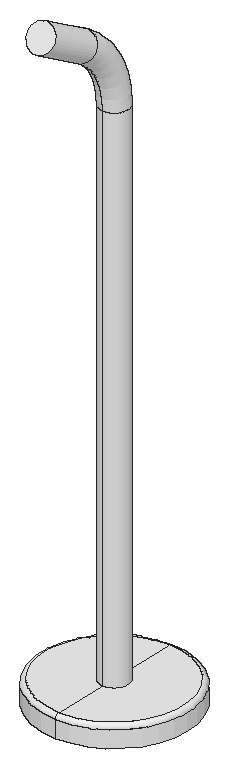
Revit family "Shower_Arm-GROHE-Rainshower-28577_Series", category Plumbing Fixtures, host Face, Revit 2014
Parameters (values of type "28577000")
  Width = 1 5/8"
  Waste Connection = no
  Warranty Documentation Link = "https://cdn.cloud.grohe.com/tpi/1000/1900/1940/1949/1949006/original/1949006.pdf"
  WFU = 4  # constant formula
  Vent Connection = no
  URL = "https://www.grohe.com"
  Type Comments = ""
  Tempered Connection Radius = Tempered Connection Diameter / 2  # 1/4"
  Tempered Connection Diameter = Hot Water Connection Diameter  # 1/2"
  Product Page URL = "https://www.grohe.us/en_us/rainshower-11-1-4-shower-arm-28577000.html"
  Price = "Prices may vary. Please consult Manufacturer Representative for most up-to-date price list."  # constant formula
  Model = "28577000"
  Material = "Metal-Grohe-000-Chrome"
  Manufacturer = "Grohe"
  Length = 3 3/16"  # constant formula
  Installation Type = "Wall Mounted"
  Hot Water Connection Radius = Hot Water Connection Diameter / 2  # 1/4"
  Hot Water Connection Diameter = Cold Water Connection Diameter  # 1/2"
  Height = 11 5/16"  # constant formula
  HWFU = 3  # constant formula
  Flow Rate = "2.0 gpm (7.6 L/min)"  # constant formula
  Finish = Metal-Grohe-000-Chrome
  Description = "Rainshower®"  # constant formula
  Default Elevation = 78"  # constant formula
  Creation Date = "03/10/2017"  # constant formula
  Cold Water Connection Radius = 1/4"  # constant formula
  Cold Water Connection Diameter = Cold Water Connection Radius * 2  # 1/2"
  CWFU = 3  # constant formula
  Assembly Code = "D2090800"
Types (5): name | URL | Product Page URL | Model | Material | Finish
  (no name) | "https://www.grohe.com" | "https://www.grohe.us/en_us/rainshower-11-1-4-shower-arm-28577000.html" | "28577000" | "Metal-Grohe-000-Chrome" | Metal-Grohe-000-Chrome
  28577000 | "https://www.grohe.com" | "https://www.grohe.us/en_us/rainshower-11-1-4-shower-arm-28577000.html" | "28577000" | "Metal-Grohe-000-Chrome" | Metal-Grohe-000-Chrome
  28577BE0 | "https://www.grohe.com" | "https://www.grohe.us/en_us/rainshower-11-1-4-shower-arm-28577BE0.html" | "28577BE0" | "Metal-Grohe-BE0-Nickel" | Metal-Grohe-BE0-Nickel
  28577EN0 | "https://www.grohe.com" | "https://www.grohe.us/en_us/rainshower-11-1-4-shower-arm-28577EN0.html" | "28577EN0" | "Metal-Grohe-EN0-Brushed Nickel" | Metal-Grohe-EN0-Brushed Nickel
  28577ZB0 | "https://www.grohe.us/" | "https://www.grohe.us/en_us/rainshower-11-1-4-shower-arm-28577ZB0.html" | "28577ZB0" | "Metal-Grohe-ZB0-Oil Rubbed Bronze" | Metal-Grohe-ZB0-Oil Rubbed Bronze
Reference planes (in)
  plane 1 "Center (Front/Back)": y = 0
  plane 2: z = 0
  plane 3 "Center (Left/Right)": x = 0
  plane 4: z = 11.3125
  plane 5: y = -1.625
  plane 6: x = -1.375
  plane 7: x = 1.375
  plane 8: y = 1.3125
  plane 9: through (0, 0.67538, 9.98437) normal (0, 0.5, 0.866)
  plane 10: y = -1.3125
  plane 11: z = 0.375
Forms (in)
  Revolve 1, solid, material "Metal-Grohe-000-Chrome" <- "Finish"
    sketch origin (0, 0, 0) x (0, 1, 0) y (0, 0, 1)
      loop
        line (0, 0.375) -> (0, 0) -> (1.3125, 0) -> (1.3125, 0.29654)
        arc (1.3125, 0.29654) -> (1.28952, 0.35202) -> (1.23404, 0.375) r 0.07846
        line (1.23404, 0.375) -> (0, 0.375)
      axis (0, 0.375) -> (0, 0)
    angle from 0 to 360
  Sweep 2, solid, material "Metal-Grohe-000-Chrome" <- "Finish"
    path origin (0, 0, 0) x (0, 1, 0) y (0, 0, 1)
      loop
        line (-1.625, 11.3125) -> (-0.71784, 10.78875)
        arc (-0.71784, 10.78875) -> (-0.19234, 10.26326) -> (0, 9.54542) r 1.43567
        line (0, 9.54542) -> (0, 0.1856)
    profile origin (0, 0, 4.86551) x (0, -1, 0) y (1, 0, 0)
      loop
        circle (0, 0) r 0.25
Cuts and joins
  joined: Revolve 1, Sweep 2
Lines and regions (in)
  Masking region 1
    outline origin (0, 0, 0) x (1, 0, 0) y (0, 0, 1)
      loop
        line (0.25101, 0.375) -> (0.25101, 11.34121)
        arc (0.25101, 11.34121) -> (-0.00386, 11.53964) -> (-0.25101, 11.33168) r 0.25669
        line (-0.25101, 11.33168) -> (-0.25101, 0.375) -> (-1.24061, 0.375)
        arc (-1.24061, 0.375) -> (-1.29144, 0.35394) -> (-1.3125, 0.30311) r 0.07189
        line (-1.3125, 0.30311) -> (-1.3125, 0) -> (1.3125, 0) -> (1.3125, 0.30311)
        arc (1.3125, 0.30311) -> (1.29144, 0.35394) -> (1.24061, 0.375) r 0.07189
        line (1.24061, 0.375) -> (0.25101, 0.375)
  symbolic lines, style "PlumbingFixtures", detail levels medium+fine
    curve 1: line (0.25, 0, 0.375) -> (-0.25, 0, 0.375)
Dimensions and locks (in)
  "Height": plane 4 to level
  "Width": plane 1 "Center (Front/Back)" to plane 5
  plane 11 to level = 3/8"
  angle plane 4 to plane 9 = 30.00°
  aligned and locked: plane 2 to host face
  aligned and locked: level to host face
Automatic sketch dimensions
  host sketch curve to host sketch curve = 96"  (x2)
  Sweep 2 sketch curve to plane 4 = 0"
  Sweep 2 sketch curve to plane 5 = 0"
  Sweep 2 sketch curve to plane 9 = 0"
  Sweep 2 sketch curve to plane 1 "Center (Front/Back)" = 0"
  Sweep 2 sketch curve to plane 4 = 0.52375"
  level to Sweep 2 sketch curve = 0.1856"
  Sweep 2 sketch curve to plane 3 "Center (Left/Right)" = 0"
  Sweep 2 sketch curve to profile plane = 0"
  Sweep 2 sketch curve to plane 5 = 0.18933"
  curve 1 to plane 3 "Center (Left/Right)" = 1/4"
  plane 3 "Center (Left/Right)" to curve 1 = 1/4"
  plane 11 to curve 1 = 0"
  Revolve 1 sketch curve to plane 1 "Center (Front/Back)" = 0"  (x2)
  Revolve 1 sketch curve to level = 0"
  Revolve 1 sketch curve to plane 8 = 0"
  plane 8 to Revolve 1 sketch curve = 0.07846"
  Revolve 1 sketch curve to Revolve 1 sketch curve = 1/4"
  Revolve 1 sketch curve to Revolve 1 sketch curve = 0.36022"
  Revolve 1 sketch curve to plane 11 = 0"
  Masking region 1 sketch curve to level = 0"
  Masking region 1 sketch curve to plane 11 = 0"  (x2)
  plane 6 to Masking region 1 sketch curve = 1/16"
  Masking region 1 sketch curve to Masking region 1 sketch curve = 0.07189"
  Masking region 1 sketch curve to plane 3 "Center (Left/Right)" = 0.25101"
  plane 3 "Center (Left/Right)" to Masking region 1 sketch curve = 0.00101"
  plane 4 to Masking region 1 sketch curve = 0.02871"
  plane 3 "Center (Left/Right)" to Masking region 1 sketch curve = 0.25101"
  plane 7 to Masking region 1 sketch curve = 0.13439"
  plane 7 to Masking region 1 sketch curve = 1/16"
  Masking region 1 sketch curve to plane 4 = 0.0295"
  radius of Sweep 2 sketch curve = 1/4"
Connectors (in)
  piping at (0, 0, 0), diameter 0.5, driven by "Tempered Connection Diameter"
    settings: on cut or joined group of Revolve 1, Sweep 2, index 1, connector inside diameter 24", connector length 0", flow factor 0, pipe flow 0 GPM, pressure drop 0.00 psi, fitting loss kfactor 0, connector angle 0.00°, fixture units 0, engagement length 0", angle of deflection 0.00°, flow configuration 0, flow direction 1, fitting loss method 0, system type 29, joint type 0, gender type 0, connector reference index -1, connector utility 0, adjustable connector no, is connector primary yes, connector description "1/2\" NPT Supply Inlet"
